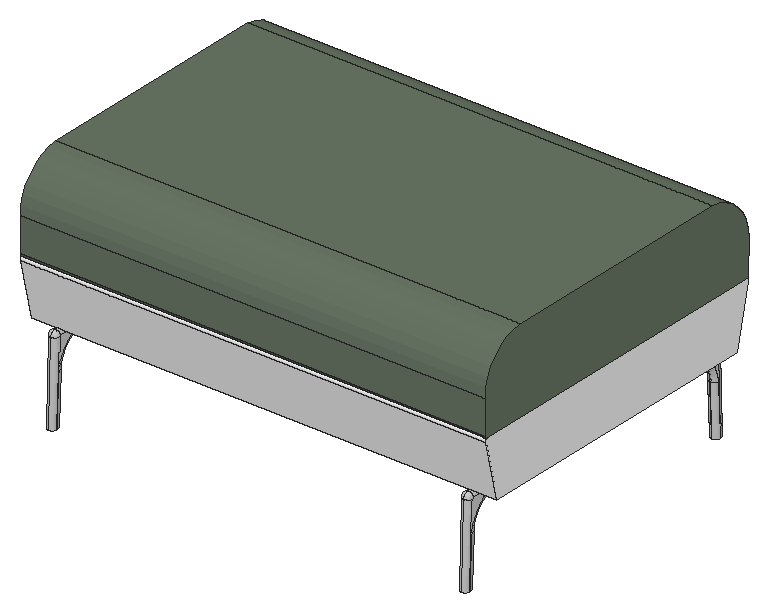
Revit family "FU_Inspec_Addit_8-1", category Furniture, Revit 2020
Family settings
  OmniClass Number = 23.40.20.00
  OmniClass Title = General Furniture and Specialties
  Work Plane-Based = No
  Always vertical = Yes
  Cut with Voids When Loaded = No
  Shared = No
  Room Calculation Point = No
Parameters (values of type "2 Colour")
  Width = 920 mm
  URL = "https://inspecfurniture.com/product-details/addit-8-1/"
  Seat Material = Fabric - Green
  Model = "addit 8.1"
  Manufacturer = "Inspec"  # constant formula
  Legs Material = Metal - Chrome - Polished
  Keynote = "46.B"
  Height = 470 mm
  Frame Material = Fabric - White
  Description = "Upholstered footstool on legs of powder coated or chromium plated cast aluminium."
  Default Elevation = 0 mm
  Content Author = "AEC AB"  # constant formula
  Assembly Code = "E2020"
Types (2, lengths in mm): name | Frame Material
  2 Colour | Fabric - White
  1 Colour | Fabric - Green
Reference planes
  plane 1 "Center (Front/Back)": y = 0
  plane 2: z = 0
  plane 3 "Center (Left/Right)": x = 0
  plane 4: y = 325
  plane 5: y = -325
  plane 6 "right": x = -460
  plane 7 "left": x = 460
  plane 8 "Seat Height": z = 470
  plane 9: x = -410
Forms (mm)
  Extrusion 1, solid, material "Metal - Chrome - Polished" <- "Legs Material"
    sketch origin (-408.382, -45.558, 0) x (0, -1, 0) y (0, 0, -1)
      loop
        line (-364.669, 0) -> (-359.038, -161.788)
        arc (-359.038, -161.788) -> (-355.991, -168.633) -> (-349.044, -171.44) r 10
        line (-349.044, -171.44) -> (-245.011, -171.44) -> (-245.011, -158.544) -> (-296.346, -151.666)
        arc (-296.346, -151.666) -> (-327.7, -135.275) -> (-341.22, -102.58) r 51.803
        line (-341.22, -102.58) -> (-345.696, 0) -> (-364.669, 0)
    from -9.172 to 9.116
  Sweep 2, void
    path origin (-399.266, -45.558, 0) x (0, -1, 0) y (0, 0, -1)
      loop
        line (-245.011, -171.44) -> (-349.044, -171.44)
        arc (-349.044, -171.44) -> (-355.991, -168.633) -> (-359.038, -161.788) r 10
        line (-359.038, -161.788) -> (-364.669, 0)
    profile origin (-399.266, 316.296, 80.894) x (0, 0.999395, 0.034788) y (1, 0, 0)
      loop
        line (0, 0) -> (-9, 0)
        arc (-9, 0) -> (-2.636, -2.636) -> (0, -9) r 9
        line (0, -9) -> (0, 0)
  Sweep 3, void
    path origin (-417.554, -45.558, 0) x (0, -1, 0) y (0, 0, -1)
      loop
        line (-245.011, -171.44) -> (-349.044, -171.44)
        arc (-349.044, -171.44) -> (-355.991, -168.633) -> (-359.038, -161.788) r 10
        line (-359.038, -161.788) -> (-364.669, 0)
    profile origin (-417.554, 251.47, 171.44) x (0, 0, 1) y (1, 0, 0)
      loop
        line (0, 0) -> (0, 9)
        arc (0, 9) -> (-2.636, 2.636) -> (-9, 0) r 9
        line (-9, 0) -> (0, 0)
  Sweep 4, void
    path origin (-399.266, -45.558, 0) x (0, -1, 0) y (0, 0, -1)
      loop
        line (-236.878, -159.634) -> (-296.346, -151.666)
        arc (-296.346, -151.666) -> (-327.7, -135.275) -> (-341.22, -102.58) r 51.803
        line (-341.22, -102.58) -> (-345.797, 2.32)
    profile origin (-399.266, 221.054, 155.65) x (0, 0.132807, 0.991142) y (1, 0, 0)
      loop
        line (0, 0) -> (0, -9)
        arc (0, -9) -> (2.636, -2.636) -> (9, 0) r 9
        line (9, 0) -> (0, 0)
  Sweep 5, void
    path origin (-417.554, -45.558, 0) x (0, -1, 0) y (0, 0, -1)
      loop
        line (-345.797, 2.32) -> (-341.22, -102.58)
        arc (-341.22, -102.58) -> (-327.7, -135.275) -> (-296.346, -151.666) r 51.803
        line (-296.346, -151.666) -> (-241.833, -158.97)
    profile origin (-417.554, 223.532, 155.318) x (0, -0.132807, -0.991142) y (1, 0, 0)
      loop
        line (0, 0) -> (0, 9)
        arc (0, 9) -> (-2.636, 2.636) -> (-9, 0) r 9
        line (-9, 0) -> (0, 0)
  Extrusion 6, solid, material "Metal - Chrome - Polished" <- "Legs Material"
    sketch origin (-408.382, 45.558, 0) x (0, 1, 0) y (0, 0, 1)
      loop
        line (-364.669, 0) -> (-345.696, 0) -> (-341.22, 102.58)
        arc (-341.22, 102.58) -> (-327.7, 135.275) -> (-296.346, 151.666) r 51.803
        line (-296.346, 151.666) -> (-245.011, 158.544) -> (-245.011, 171.44) -> (-349.044, 171.44)
        arc (-349.044, 171.44) -> (-355.991, 168.633) -> (-359.038, 161.788) r 10
        line (-359.038, 161.788) -> (-364.669, 0)
    from -9.172 to 9.116
  Sweep 7, void
    path origin (-399.266, 45.558, 0) x (0, 1, 0) y (0, 0, 1)
      loop
        line (-245.011, 171.44) -> (-349.044, 171.44)
        arc (-349.044, 171.44) -> (-355.991, 168.633) -> (-359.038, 161.788) r 10
        line (-359.038, 161.788) -> (-364.669, 0)
    profile origin (-399.266, -316.296, 80.894) x (0, 0.999395, -0.034788) y (1, 0, 0)
      loop
        line (0, 0) -> (0, -9)
        arc (0, -9) -> (2.636, -2.636) -> (9, 0) r 9
        line (9, 0) -> (0, 0)
  Sweep 8, void
    path origin (-417.554, 45.558, 0) x (0, 1, 0) y (0, 0, 1)
      loop
        line (-245.011, 171.44) -> (-349.044, 171.44)
        arc (-349.044, 171.44) -> (-355.991, 168.633) -> (-359.038, 161.788) r 10
        line (-359.038, 161.788) -> (-364.669, 0)
    profile origin (-417.554, -251.47, 171.44) x (0, 0, -1) y (1, 0, 0)
      loop
        line (0, 0) -> (9, 0)
        arc (9, 0) -> (2.636, 2.636) -> (0, 9) r 9
        line (0, 9) -> (0, 0)
  Sweep 9, void
    path origin (-399.266, 45.558, 0) x (0, 1, 0) y (0, 0, 1)
      loop
        line (-236.878, 159.634) -> (-296.346, 151.666)
        arc (-296.346, 151.666) -> (-327.7, 135.275) -> (-341.22, 102.58) r 51.803
        line (-341.22, 102.58) -> (-345.797, -2.32)
    profile origin (-399.266, -221.054, 155.65) x (0, 0.132807, -0.991142) y (1, 0, 0)
      loop
        line (0, 0) -> (-9, 0)
        arc (-9, 0) -> (-2.636, -2.636) -> (0, -9) r 9
        line (0, -9) -> (0, 0)
  Sweep 10, void
    path origin (-417.554, 45.558, 0) x (0, 1, 0) y (0, 0, 1)
      loop
        line (-345.797, -2.32) -> (-341.22, 102.58)
        arc (-341.22, 102.58) -> (-327.7, 135.275) -> (-296.346, 151.666) r 51.803
        line (-296.346, 151.666) -> (-241.833, 158.97)
    profile origin (-417.554, -223.532, 155.318) x (0, -0.132807, 0.991142) y (1, 0, 0)
      loop
        line (0, 0) -> (9, 0)
        arc (9, 0) -> (2.636, 2.636) -> (0, 9) r 9
        line (0, 9) -> (0, 0)
  Extrusion 11, solid, material "Metal - Chrome - Polished" <- "Legs Material"
    sketch origin (408.382, -45.558, 0) x (0, -1, 0) y (0, 0, 1)
      loop
        line (-364.669, 0) -> (-345.696, 0) -> (-341.22, 102.58)
        arc (-341.22, 102.58) -> (-327.7, 135.275) -> (-296.346, 151.666) r 51.803
        line (-296.346, 151.666) -> (-245.011, 158.544) -> (-245.011, 171.44) -> (-349.044, 171.44)
        arc (-349.044, 171.44) -> (-355.991, 168.633) -> (-359.038, 161.788) r 10
        line (-359.038, 161.788) -> (-364.669, 0)
    from -9.172 to 9.116
  Sweep 12, void
    path origin (399.266, -45.558, 0) x (0, -1, 0) y (0, 0, 1)
      loop
        line (-245.011, 171.44) -> (-349.044, 171.44)
        arc (-349.044, 171.44) -> (-355.991, 168.633) -> (-359.038, 161.788) r 10
        line (-359.038, 161.788) -> (-364.669, 0)
    profile origin (399.266, 316.296, 80.894) x (0, -0.999395, -0.034788) y (-1, 0, 0)
      loop
        line (0, 0) -> (0, -9)
        arc (0, -9) -> (2.636, -2.636) -> (9, 0) r 9
        line (9, 0) -> (0, 0)
  Sweep 13, void
    path origin (417.554, -45.558, 0) x (0, -1, 0) y (0, 0, 1)
      loop
        line (-245.011, 171.44) -> (-349.044, 171.44)
        arc (-349.044, 171.44) -> (-355.991, 168.633) -> (-359.038, 161.788) r 10
        line (-359.038, 161.788) -> (-364.669, 0)
    profile origin (417.554, 251.47, 171.44) x (0, 0, -1) y (-1, 0, 0)
      loop
        line (0, 0) -> (9, 0)
        arc (9, 0) -> (2.636, 2.636) -> (0, 9) r 9
        line (0, 9) -> (0, 0)
  Sweep 14, void
    path origin (399.266, -45.558, 0) x (0, -1, 0) y (0, 0, 1)
      loop
        line (-236.878, 159.634) -> (-296.346, 151.666)
        arc (-296.346, 151.666) -> (-327.7, 135.275) -> (-341.22, 102.58) r 51.803
        line (-341.22, 102.58) -> (-345.797, -2.32)
    profile origin (399.266, 221.054, 155.65) x (0, -0.132807, -0.991142) y (-1, 0, 0)
      loop
        line (0, 0) -> (-9, 0)
        arc (-9, 0) -> (-2.636, -2.636) -> (0, -9) r 9
        line (0, -9) -> (0, 0)
  Sweep 15, void
    path origin (417.554, -45.558, 0) x (0, -1, 0) y (0, 0, 1)
      loop
        line (-345.797, -2.32) -> (-341.22, 102.58)
        arc (-341.22, 102.58) -> (-327.7, 135.275) -> (-296.346, 151.666) r 51.803
        line (-296.346, 151.666) -> (-241.833, 158.97)
    profile origin (417.554, 223.532, 155.318) x (0, 0.132807, 0.991142) y (-1, 0, 0)
      loop
        line (0, 0) -> (9, 0)
        arc (9, 0) -> (2.636, 2.636) -> (0, 9) r 9
        line (0, 9) -> (0, 0)
  Extrusion 16, solid, material "Metal - Chrome - Polished" <- "Legs Material"
    sketch origin (408.382, 45.558, 0) x (0, 1, 0) y (0, 0, -1)
      loop
        line (-364.669, 0) -> (-359.038, -161.788)
        arc (-359.038, -161.788) -> (-355.991, -168.633) -> (-349.044, -171.44) r 10
        line (-349.044, -171.44) -> (-245.011, -171.44) -> (-245.011, -158.544) -> (-296.346, -151.666)
        arc (-296.346, -151.666) -> (-327.7, -135.275) -> (-341.22, -102.58) r 51.803
        line (-341.22, -102.58) -> (-345.696, 0) -> (-364.669, 0)
    from -9.172 to 9.116
  Sweep 17, void
    path origin (399.266, 45.558, 0) x (0, 1, 0) y (0, 0, -1)
      loop
        line (-245.011, -171.44) -> (-349.044, -171.44)
        arc (-349.044, -171.44) -> (-355.991, -168.633) -> (-359.038, -161.788) r 10
        line (-359.038, -161.788) -> (-364.669, 0)
    profile origin (399.266, -316.296, 80.894) x (0, -0.999395, 0.034788) y (-1, 0, 0)
      loop
        line (0, 0) -> (-9, 0)
        arc (-9, 0) -> (-2.636, -2.636) -> (0, -9) r 9
        line (0, -9) -> (0, 0)
  Sweep 18, void
    path origin (417.554, 45.558, 0) x (0, 1, 0) y (0, 0, -1)
      loop
        line (-245.011, -171.44) -> (-349.044, -171.44)
        arc (-349.044, -171.44) -> (-355.991, -168.633) -> (-359.038, -161.788) r 10
        line (-359.038, -161.788) -> (-364.669, 0)
    profile origin (417.554, -251.47, 171.44) x (0, 0, 1) y (-1, 0, 0)
      loop
        line (0, 0) -> (0, 9)
        arc (0, 9) -> (-2.636, 2.636) -> (-9, 0) r 9
        line (-9, 0) -> (0, 0)
  Sweep 19, void
    path origin (399.266, 45.558, 0) x (0, 1, 0) y (0, 0, -1)
      loop
        line (-236.878, -159.634) -> (-296.346, -151.666)
        arc (-296.346, -151.666) -> (-327.7, -135.275) -> (-341.22, -102.58) r 51.803
        line (-341.22, -102.58) -> (-345.797, 2.32)
    profile origin (399.266, -221.054, 155.65) x (0, -0.132807, 0.991142) y (-1, 0, 0)
      loop
        line (0, 0) -> (0, -9)
        arc (0, -9) -> (2.636, -2.636) -> (9, 0) r 9
        line (9, 0) -> (0, 0)
  Sweep 20, void
    path origin (417.554, 45.558, 0) x (0, 1, 0) y (0, 0, -1)
      loop
        line (-345.797, 2.32) -> (-341.22, -102.58)
        arc (-341.22, -102.58) -> (-327.7, -135.275) -> (-296.346, -151.666) r 51.803
        line (-296.346, -151.666) -> (-241.833, -158.97)
    profile origin (417.554, -223.532, 155.318) x (0, 0.132807, -0.991142) y (-1, 0, 0)
      loop
        line (0, 0) -> (0, 9)
        arc (0, 9) -> (-2.636, 2.636) -> (-9, 0) r 9
        line (-9, 0) -> (0, 0)
  Sweep 21, solid, material "Fabric - Green" <- "Seat Material"
    path origin (0, 0, 0) x (1, 0, 0) y (0, 1, 0)
      loop
        line (-460, 0) -> (460, 0)
    profile origin (0, 0, 0) x (0, 1, 0) y (0, 0, 1)
      loop
        arc (325, 363.203) -> (299.911, 427.526) -> (237.896, 457.875) r 95
        arc (237.896, 457.875) -> (0, 467.778) -> (-237.896, 457.875) r 2862.294
        arc (-237.896, 457.875) -> (-299.911, 427.526) -> (-325, 363.203) r 95
        line (-325, 363.203) -> (-325, 295.937)
        arc (-325, 295.937) -> (-323.536, 292.402) -> (-320, 290.937) r 5
        line (-320, 290.937) -> (320, 290.937)
        arc (320, 290.937) -> (323.536, 292.402) -> (325, 295.937) r 5
        line (325, 295.937) -> (325, 363.203)
  Sweep 22, solid, material "Fabric - White" <- "Frame Material"
    path origin (0, 0, 0) x (1, 0, 0) y (0, 1, 0)
      loop
        line (-460, 0) -> (460, 0)
    profile origin (0, 0, 0) x (0, 1, 0) y (0, 0, 1)
      loop
        arc (324.851, 284.728) -> (323.94, 289.016) -> (320, 290.937) r 5
        line (320, 290.937) -> (-320, 290.937)
        arc (-320, 290.937) -> (-323.94, 289.016) -> (-324.851, 284.728) r 5
        line (-324.851, 284.728) -> (-296.48, 170.937) -> (296.48, 170.937) -> (324.851, 284.728)
Cuts and joins
  Sweep 7, Sweep 8, Sweep 9, Sweep 10 cuts Extrusion 6
  Sweep 2, Sweep 3, Sweep 4, Sweep 5 cuts Extrusion 1
  Sweep 12, Sweep 13, Sweep 14, Sweep 15 cuts Extrusion 11
  Sweep 17, Sweep 18, Sweep 19, Sweep 20 cuts Extrusion 16
Lines and regions (mm)
  Masking region 1
    outline origin (0, 0, 470) x (-1, 0, 0) y (0, -1, 0)
      loop
        line (462, -325) -> (462, 325) -> (-462, 325) -> (-462, -325) -> (462, -325)
Dimensions and locks
  plane 4 to plane 5 = 650 mm
  "Width": plane 7 "left" to plane 6 "right"
  "Height": plane 8 "Seat Height" to level
  equal spacing: plane 7 "left", plane 3 "Center (Left/Right)", plane 6 "right"
  locked: plane 9 to plane 6 "right" at 50
  aligned and locked: level to plane 2
  aligned and locked: plane 6 "right" to Sweep 22
  aligned and locked: plane 6 "right" to Sweep 21
  aligned and locked: plane 7 "left" to Sweep 22
  aligned and locked: plane 7 "left" to Sweep 21
Automatic sketch dimensions
  Extrusion 1 sketch curve to level = 0 mm
  Extrusion 1 sketch curve to plane 4 = 5.888 mm
  Extrusion 1 sketch curve to plane 4 = 11.52 mm
  Extrusion 1 sketch curve to Extrusion 1 sketch curve = 9.994 mm
  Extrusion 1 sketch curve to Extrusion 1 sketch curve = 18.974 mm
  Extrusion 1 sketch curve to plane 4 = 29.338 mm
  Extrusion 1 sketch curve to Extrusion 1 sketch curve = 52.698 mm
  Extrusion 1 sketch curve to Extrusion 1 sketch curve = 6.88 mm
  Extrusion 1 sketch curve to Extrusion 1 sketch curve = 51.335 mm
  level to Extrusion 1 sketch curve = 100.322 mm
  Extrusion 1 sketch curve to Extrusion 1 sketch curve = 2.258 mm
  Extrusion 1 sketch curve to Extrusion 1 sketch curve = 6.879 mm
  Extrusion 1 sketch curve to Extrusion 1 sketch curve = 9.774 mm
  Extrusion 1 sketch curve to Extrusion 1 sketch curve = 0.348 mm
  Extrusion 1 to Sweep 2 sketch curve = 0 mm
  Sweep 2 sketch curve to Extrusion 1 = 0 mm  (x2)
  Sweep 2 sketch curve to Extrusion 1 = 9.652 mm
  Sweep 2 sketch curve to profile plane = 0 mm  (x2)
  profile plane to Sweep 2 sketch curve = 9 mm
  Sweep 2 sketch curve to Sweep 2 sketch curve = 0 mm
  Extrusion 1 to Sweep 3 sketch curve = 0 mm
  Sweep 3 sketch curve to Extrusion 1 = 0 mm  (x2)
  Extrusion 1 to Sweep 3 sketch curve = 9.652 mm
  Sweep 3 sketch curve to profile plane = 0 mm  (x2)
  Sweep 3 sketch curve to Sweep 3 sketch curve = 9 mm
  Sweep 4 sketch curve to plane 4 = 29.338 mm
  Sweep 4 sketch curve to Sweep 4 sketch curve = 44.874 mm
  Sweep 4 sketch curve to Sweep 4 sketch curve = 6.88 mm
  level to Sweep 4 sketch curve = 151.666 mm
  Sweep 4 sketch curve to Sweep 4 sketch curve = 49.086 mm
  Sweep 4 sketch curve to level = 2.32 mm
  Sweep 4 sketch curve to plane 4 = 24.76 mm
  Sweep 4 sketch curve to Sweep 4 sketch curve = 59.469 mm
  Sweep 4 sketch curve to Sweep 4 sketch curve = 7.968 mm
  Sweep 4 sketch curve to profile plane = 0 mm  (x3)
  Sweep 4 sketch curve to Sweep 4 sketch curve = 9 mm
  Sweep 4 sketch curve to Sweep 4 sketch curve = 0 mm
  Extrusion 1 to Sweep 5 sketch curve = 0 mm
  Sweep 5 sketch curve to Extrusion 1 = 0 mm
  Extrusion 1 to Sweep 5 sketch curve = 19.774 mm
  Extrusion 1 to Sweep 5 sketch curve = 68.86 mm
  Sweep 5 sketch curve to Extrusion 1 = 2.32 mm
  Sweep 5 sketch curve to Extrusion 1 = 3.178 mm
  Sweep 5 sketch curve to profile plane = 0 mm  (x4)
  Sweep 5 sketch curve to Sweep 5 sketch curve = 9 mm
  Sweep 5 sketch curve to Sweep 5 sketch curve = 0 mm  (x2)
  Extrusion 6 sketch curve to level = 0 mm
  Extrusion 6 sketch curve to plane 5 = 5.888 mm
  Extrusion 6 sketch curve to plane 5 = 11.52 mm
  Extrusion 6 sketch curve to Extrusion 6 sketch curve = 9.994 mm
  Extrusion 6 sketch curve to Extrusion 6 sketch curve = 18.974 mm
  Extrusion 6 sketch curve to plane 5 = 29.338 mm
  Extrusion 6 sketch curve to Extrusion 6 sketch curve = 52.698 mm
  Extrusion 6 sketch curve to Extrusion 6 sketch curve = 6.88 mm
  Extrusion 6 sketch curve to Extrusion 6 sketch curve = 51.335 mm
  level to Extrusion 6 sketch curve = 100.322 mm
  Extrusion 6 sketch curve to Extrusion 6 sketch curve = 2.258 mm
  Extrusion 6 sketch curve to Extrusion 6 sketch curve = 6.879 mm
  Extrusion 6 sketch curve to Extrusion 6 sketch curve = 9.774 mm
  Extrusion 6 sketch curve to Extrusion 6 sketch curve = 0.348 mm
  Sweep 7 sketch curve to Extrusion 6 = 0 mm  (x3)
  Sweep 7 sketch curve to Extrusion 6 = 9.652 mm
  Sweep 7 sketch curve to profile plane = 0 mm  (x2)
  Sweep 7 sketch curve to profile plane = 9 mm
  Sweep 7 sketch curve to Sweep 7 sketch curve = 0 mm
  Sweep 8 sketch curve to Extrusion 6 = 0 mm  (x3)
  Extrusion 6 to Sweep 8 sketch curve = 9.652 mm
  Sweep 8 sketch curve to profile plane = 0 mm  (x2)
  Sweep 8 sketch curve to Sweep 8 sketch curve = 9 mm
  Sweep 9 sketch curve to plane 5 = 29.338 mm
  Sweep 9 sketch curve to Sweep 9 sketch curve = 44.874 mm
  Sweep 9 sketch curve to Sweep 9 sketch curve = 6.88 mm
  level to Sweep 9 sketch curve = 100.322 mm
  Sweep 9 sketch curve to Sweep 9 sketch curve = 2.258 mm
  Sweep 9 sketch curve to level = 2.32 mm
  Sweep 9 sketch curve to plane 5 = 24.76 mm
  Sweep 9 sketch curve to Sweep 9 sketch curve = 59.469 mm
  Sweep 9 sketch curve to Sweep 9 sketch curve = 7.968 mm
  Sweep 9 sketch curve to profile plane = 0 mm  (x3)
  profile plane to Sweep 9 sketch curve = 9 mm
  Sweep 9 sketch curve to Sweep 9 sketch curve = 0 mm
  Sweep 10 sketch curve to Extrusion 6 = 0 mm
  Extrusion 6 to Sweep 10 sketch curve = 0 mm
  Extrusion 6 to Sweep 10 sketch curve = 19.774 mm
  Extrusion 6 to Sweep 10 sketch curve = 68.86 mm
  Sweep 10 sketch curve to Extrusion 6 = 2.32 mm
  Sweep 10 sketch curve to Extrusion 6 = 3.178 mm
  Sweep 10 sketch curve to profile plane = 0 mm  (x4)
  Sweep 10 sketch curve to Sweep 10 sketch curve = 9 mm
  Sweep 10 sketch curve to Sweep 10 sketch curve = 0 mm  (x2)
  Extrusion 11 sketch curve to level = 0 mm
  Extrusion 11 sketch curve to plane 4 = 5.888 mm
  Extrusion 11 sketch curve to plane 4 = 11.52 mm
  Extrusion 11 sketch curve to Extrusion 11 sketch curve = 9.994 mm
  Extrusion 11 sketch curve to Extrusion 11 sketch curve = 18.974 mm
  Extrusion 11 sketch curve to plane 4 = 29.338 mm
  Extrusion 11 sketch curve to Extrusion 11 sketch curve = 52.698 mm
  Extrusion 11 sketch curve to Extrusion 11 sketch curve = 6.88 mm
  Extrusion 11 sketch curve to Extrusion 11 sketch curve = 51.335 mm
  level to Extrusion 11 sketch curve = 100.322 mm
  Extrusion 11 sketch curve to Extrusion 11 sketch curve = 2.258 mm
  Extrusion 11 sketch curve to Extrusion 11 sketch curve = 6.879 mm
  Extrusion 11 sketch curve to Extrusion 11 sketch curve = 9.774 mm
  Extrusion 11 sketch curve to Extrusion 11 sketch curve = 0.348 mm
  Sweep 12 sketch curve to Extrusion 11 = 0 mm  (x3)
  Sweep 12 sketch curve to Extrusion 11 = 9.652 mm
  profile plane to Sweep 12 sketch curve = 0 mm
  Sweep 12 sketch curve to profile plane = 0 mm
  Sweep 12 sketch curve to profile plane = 9 mm
  Sweep 12 sketch curve to Sweep 12 sketch curve = 0 mm
  Sweep 13 sketch curve to Extrusion 11 = 0 mm  (x3)
  Extrusion 11 to Sweep 13 sketch curve = 9.652 mm
  Sweep 13 sketch curve to profile plane = 0 mm
  profile plane to Sweep 13 sketch curve = 0 mm
  Sweep 13 sketch curve to Sweep 13 sketch curve = 9 mm
  Sweep 14 sketch curve to plane 4 = 29.338 mm
  Sweep 14 sketch curve to Sweep 14 sketch curve = 44.874 mm
  Sweep 14 sketch curve to Sweep 14 sketch curve = 6.88 mm
  level to Sweep 14 sketch curve = 100.322 mm
  Sweep 14 sketch curve to Sweep 14 sketch curve = 2.258 mm
  Sweep 14 sketch curve to level = 2.32 mm
  Sweep 14 sketch curve to plane 4 = 24.76 mm
  Sweep 14 sketch curve to Sweep 14 sketch curve = 59.469 mm
  Sweep 14 sketch curve to Sweep 14 sketch curve = 7.968 mm
  Sweep 14 sketch curve to profile plane = 0 mm
  profile plane to Sweep 14 sketch curve = 0 mm  (x2)
  Sweep 14 sketch curve to Sweep 14 sketch curve = 9 mm
  Sweep 14 sketch curve to Sweep 14 sketch curve = 0 mm
  Sweep 15 sketch curve to Extrusion 11 = 0 mm
  Extrusion 11 to Sweep 15 sketch curve = 0 mm
  Extrusion 11 to Sweep 15 sketch curve = 19.774 mm
  Extrusion 11 to Sweep 15 sketch curve = 68.86 mm
  Sweep 15 sketch curve to Extrusion 11 = 2.32 mm
  Sweep 15 sketch curve to Extrusion 11 = 3.178 mm
  profile plane to Sweep 15 sketch curve = 0 mm  (x2)
  Sweep 15 sketch curve to profile plane = 0 mm  (x2)
  Sweep 15 sketch curve to Sweep 15 sketch curve = 9 mm
  Sweep 15 sketch curve to Sweep 15 sketch curve = 0 mm  (x2)
  Extrusion 16 sketch curve to level = 0 mm
  Extrusion 16 sketch curve to plane 5 = 5.888 mm
  Extrusion 16 sketch curve to plane 5 = 11.52 mm
  Extrusion 16 sketch curve to Extrusion 16 sketch curve = 9.994 mm
  Extrusion 16 sketch curve to Extrusion 16 sketch curve = 18.974 mm
  Extrusion 16 sketch curve to plane 5 = 29.338 mm
  Extrusion 16 sketch curve to Extrusion 16 sketch curve = 52.698 mm
  Extrusion 16 sketch curve to Extrusion 16 sketch curve = 6.88 mm
  Extrusion 16 sketch curve to Extrusion 16 sketch curve = 51.335 mm
  level to Extrusion 16 sketch curve = 100.322 mm
  Extrusion 16 sketch curve to Extrusion 16 sketch curve = 2.258 mm
  Extrusion 16 sketch curve to Extrusion 16 sketch curve = 6.879 mm
  Extrusion 16 sketch curve to Extrusion 16 sketch curve = 9.774 mm
  Extrusion 16 sketch curve to Extrusion 16 sketch curve = 0.348 mm
  Extrusion 16 to Sweep 17 sketch curve = 0 mm
  Sweep 17 sketch curve to Extrusion 16 = 0 mm  (x2)
  Sweep 17 sketch curve to Extrusion 16 = 9.652 mm
  Sweep 17 sketch curve to profile plane = 0 mm
  profile plane to Sweep 17 sketch curve = 0 mm
  profile plane to Sweep 17 sketch curve = 9 mm
  Sweep 17 sketch curve to Sweep 17 sketch curve = 0 mm
  Extrusion 16 to Sweep 18 sketch curve = 0 mm
  Sweep 18 sketch curve to Extrusion 16 = 0 mm  (x2)
  Extrusion 16 to Sweep 18 sketch curve = 9.652 mm
  profile plane to Sweep 18 sketch curve = 0 mm
  Sweep 18 sketch curve to profile plane = 0 mm
  Sweep 18 sketch curve to Sweep 18 sketch curve = 9 mm
  Sweep 19 sketch curve to plane 5 = 29.338 mm
  Sweep 19 sketch curve to Sweep 19 sketch curve = 44.874 mm
  Sweep 19 sketch curve to Sweep 19 sketch curve = 6.88 mm
  level to Sweep 19 sketch curve = 151.666 mm
  Sweep 19 sketch curve to Sweep 19 sketch curve = 49.086 mm
  Sweep 19 sketch curve to level = 2.32 mm
  Sweep 19 sketch curve to plane 5 = 24.76 mm
  Sweep 19 sketch curve to Sweep 19 sketch curve = 59.469 mm
  Sweep 19 sketch curve to Sweep 19 sketch curve = 7.968 mm
  profile plane to Sweep 19 sketch curve = 0 mm  (x2)
  Sweep 19 sketch curve to profile plane = 0 mm
  Sweep 19 sketch curve to Sweep 19 sketch curve = 9 mm
  Sweep 19 sketch curve to Sweep 19 sketch curve = 0 mm
  Extrusion 16 to Sweep 20 sketch curve = 0 mm
  Sweep 20 sketch curve to Extrusion 16 = 0 mm
  Extrusion 16 to Sweep 20 sketch curve = 19.774 mm
  Extrusion 16 to Sweep 20 sketch curve = 68.86 mm
  Sweep 20 sketch curve to Extrusion 16 = 2.32 mm
  Sweep 20 sketch curve to Extrusion 16 = 3.178 mm
  Sweep 20 sketch curve to profile plane = 0 mm  (x2)
  profile plane to Sweep 20 sketch curve = 0 mm  (x2)
  Sweep 20 sketch curve to Sweep 20 sketch curve = 9 mm
  Sweep 20 sketch curve to Sweep 20 sketch curve = 0 mm  (x2)
  plane 1 "Center (Front/Back)" to Sweep 21 sketch curve = 0 mm
  Sweep 21 sketch curve to plane 6 "right" = 0 mm
  Sweep 21 sketch curve to plane 7 "left" = 0 mm
  Sweep 21 sketch curve to profile plane = 0 mm
  profile plane to Sweep 21 sketch curve = 230 mm
  Sweep 21 sketch curve to Sweep 21 sketch curve = 90 mm  (x2)
  Sweep 21 sketch curve to Sweep 21 sketch curve = 5 mm  (x2)
  Sweep 21 sketch curve to profile plane = 230 mm
  Sweep 21 sketch curve to profile plane = 2394.516 mm
  profile plane to Sweep 21 sketch curve = 290.937 mm
  Sweep 21 sketch curve to Sweep 21 sketch curve = 67.266 mm  (x2)
  Sweep 21 sketch curve to Sweep 21 sketch curve = 0 mm
  plane 1 "Center (Front/Back)" to Sweep 22 sketch curve = 0 mm
  Sweep 22 sketch curve to plane 6 "right" = 0 mm
  Sweep 22 sketch curve to plane 7 "left" = 0 mm
  profile plane to Sweep 22 sketch curve = 324.851 mm
  Sweep 22 sketch curve to Sweep 22 sketch curve = 4.851 mm  (x2)
  Sweep 22 sketch curve to Sweep 22 sketch curve = 28.371 mm
  Sweep 22 sketch curve to profile plane = 296.48 mm
  Sweep 22 sketch curve to Sweep 22 sketch curve = 23.52 mm
  profile plane to Sweep 22 sketch curve = 170.937 mm
  Sweep 22 sketch curve to Sweep 22 sketch curve = 113.79 mm  (x2)
  Sweep 22 sketch curve to Sweep 22 sketch curve = 1.21 mm
  Masking region 1 sketch curve to plane 4 = 0 mm
  plane 5 to Masking region 1 sketch curve = 0 mm
  plane 7 "left" to Masking region 1 sketch curve = 2 mm
  Masking region 1 sketch curve to plane 6 "right" = 2 mm
  radius of Sweep 2 sketch curve to Extrusion 1 = 0 mm
  radius of Sweep 3 sketch curve to Extrusion 1 = 0 mm
  radius of Sweep 5 sketch curve to Extrusion 1 = 0 mm
  radius of Sweep 7 sketch curve to Extrusion 6 = 0 mm
  radius of Sweep 8 sketch curve to Extrusion 6 = 0 mm
  radius of Sweep 10 sketch curve to Extrusion 6 = 0 mm
  radius of Sweep 12 sketch curve to Extrusion 11 = 0 mm
  radius of Sweep 13 sketch curve to Extrusion 11 = 0 mm
  radius of Sweep 15 sketch curve to Extrusion 11 = 0 mm
  radius of Sweep 17 sketch curve to Extrusion 16 = 0 mm
  radius of Sweep 18 sketch curve to Extrusion 16 = 0 mm
  radius of Sweep 20 sketch curve to Extrusion 16 = 0 mm
